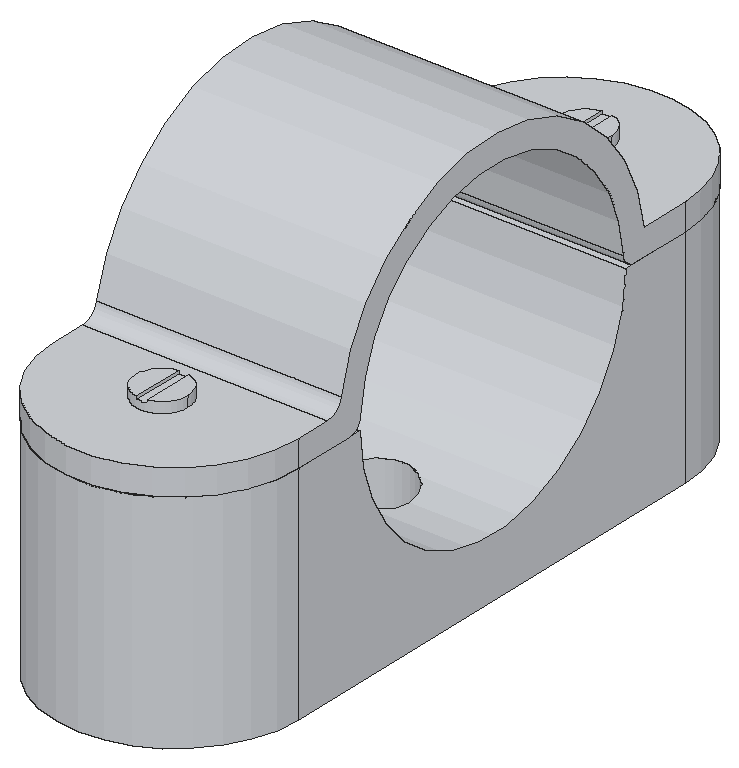
Revit family "DS2B", category Generic Models, Revit 2017
Family settings
  Can host rebar = No
  Round Connector Dimension = Use Diameter
  Part Type = Normal
  Work Plane-Based = Yes
  Always vertical = No
  Cut with Voids When Loaded = No
  Shared = No
  Room Calculation Point = No
Parameters (values of type "NBS Standard Parameters")
  Weight = "0.088Kg"
  WarrantyStartDate [instance] = "1900-12-31T23:59:59"
  WarrantyGuarantorParts = "n/a"
  WarrantyGuarantorLabor = "n/a"
  WarrantyDurationUnit = "1 year"
  WarrantyDurationParts = "n/a"
  WarrantyDurationLabor = "n/a"
  WarrantyDescription = "n/a"
  Version = "1"
  Uniclass2 = "Pr_65_70_11_20"
  TagNumber [instance] = "n/a"
  SustainabilityPerformance = "n/a"
  Size = "25MM"
  Shape = "n/a"
  SerialNumber [instance] = "n/a"
  Revision = "n/a"
  ReplacementCost = "n/a"
  ProductInformation = "www.metpro.co.uk/pdf/ds2g.pdf"
  NominalWidth = 18.6 mm
  NominalLength = 55 mm
  NominalHeight = 37 mm
  Name = ""
  NBSTypeID = ""
  NBSReference = "90-55-10/460"
  NBSOfficeMasterTag = ""
  NBSNote = ""
  NBSDescription = "Conduit Fittings"
  NBSCertification = ""
  ModelReference = "DS2B"
  ModelNumber = "n/a"
  Material = "Cast Body, Pressed Steel Strap"
  ManufacturerURL = "www.metpro.co.uk"
  ManufacturerName = "Metpro Ltd"
  Keynote = "Comprises of Body, strap and 2 screws"
  InstallationDate [instance] = "1900-12-31T23:59:59"
  IfcExportType = ""
  IfcExportAs = ""
  Grade = "n/a"
  Finish = "Black"
  Features = "n/a"
  ExpectedLife = "n/a"
  DurationUnit = "year"
  Description = "DS2B - 25mm Distance Saddle"
  Default Elevation = 1219.2 mm
  Constituents = "n/a"
  Color = "n/a"
  CodePerformance = "n/a"
  Category = "n/a"
  BarCode [instance] = "n/a"
  BIMObjectName = "Metpro_metprolibrary_conduitfittings_metalcomponent_steelaccessories"
  Author = "Metpro limited"
  AssetType = ""
  AssetIdentifier [instance] = "n/a"
  AccessibilityPerformance = "n/a"
Reference planes
  plane 1 "Center (Front/Back)": y = 0
  plane 2: z = 0
  plane 3 "Center (Left/Right)": x = 0
Forms (mm)
  Extrusion 1, solid
    sketch origin (-326.08, 185.062, 2) x (1, 0, 0) y (0, 1, 0)
      loop
        line (13.857, 17.586) -> (13.857, -18.914)
        arc (13.857, -18.914) -> (23.107, -28.164) -> (32.357, -18.914) r 9.25
        line (32.357, -18.914) -> (32.357, 17.586)
        arc (32.357, 17.586) -> (23.107, 26.836) -> (13.857, 17.586) r 9.25
    from -2 to 15
  Extrusion 2, solid
    sketch origin (-294.223, 167.648, 2) x (0, 1, 0) y (0, 0, 1)
      loop
        arc (29.174, 15.954) -> (29.491, 15.295) -> (30.171, 15.028) r 1
        line (30.171, 15.028) -> (44.208, 15.028) -> (44.208, 17.028) -> (31.07, 17.028)
        arc (31.07, 17.028) -> (17.263, 29.517) -> (2.542, 18.12) r 14.5
        arc (2.542, 18.12) -> (2.056, 17.335) -> (1.185, 17.028) r 1.389
        line (1.185, 17.028) -> (-10.792, 17.028) -> (-10.792, 15.028) -> (3.245, 15.028)
        arc (3.245, 15.028) -> (3.926, 15.295) -> (4.243, 15.954) r 1
        arc (4.243, 15.954) -> (16.708, 27.528) -> (29.174, 15.954) r 12.5
    from -20.24 to 2.343
  Extrusion 3, solid
    sketch origin (-294.223, 195.062, 19) x (0, 1, 0) y (-1, 0, 0)
      loop
        circle (10, 9) r 2
      loop
        circle (-30, 9) r 2
    from 0 to 0.8
  Extrusion 4, void
    sketch origin (-294.223, 195.062, 19.8) x (-1, 0, 0) y (0, 1, 0)
      loop
        line (9.313, 7.297) -> (9.313, 12.948) -> (8.52, 12.948) -> (8.52, 7.297) -> (9.313, 7.297)
      loop
        line (9.313, -27.126) -> (8.52, -27.126) -> (8.52, -32.776) -> (9.313, -32.776) -> (9.313, -27.126)
    from 0 to 0.2
  Extrusion 5, void
    sketch origin (-326.08, 185.062, 0) x (1, 0, 0) y (0, 1, 0)
      loop
        arc (13.857, -18.914) -> (23.107, -28.164) -> (32.357, -18.914) r 9.25
        line (32.357, -18.914) -> (32.357, 17.586)
        arc (32.357, 17.586) -> (23.107, 26.836) -> (13.857, 17.586) r 9.25
        line (13.857, 17.586) -> (13.857, -18.914)
      loop
        line (38.076, -30.594) -> (38.076, 33.347) -> (5.273, 33.347) -> (5.273, -30.594) -> (38.076, -30.594)
    from 0 to 33.47
  Extrusion 6, void
    sketch origin (-326.08, 185.062, 0) x (1, 0, 0) y (0, 1, 0)
      loop
        circle (23.107, -0.609) r 3.006
    from 0 to 8.926
  Extrusion 7, void
    sketch origin (-293.723, 202.648, 2) x (0, 1, 0) y (0, 0, -1)
      loop
        circle (-18.194, -15) r 12.517
    from 0 to 21.877
Cuts and joins
  Extrusion 4 cuts Extrusion 3
  Extrusion 5, Extrusion 6, Extrusion 7 cuts Extrusion 1
  Extrusion 5, Extrusion 6 cuts Extrusion 2
Dimensions and locks
  aligned and locked: level to plane 2
